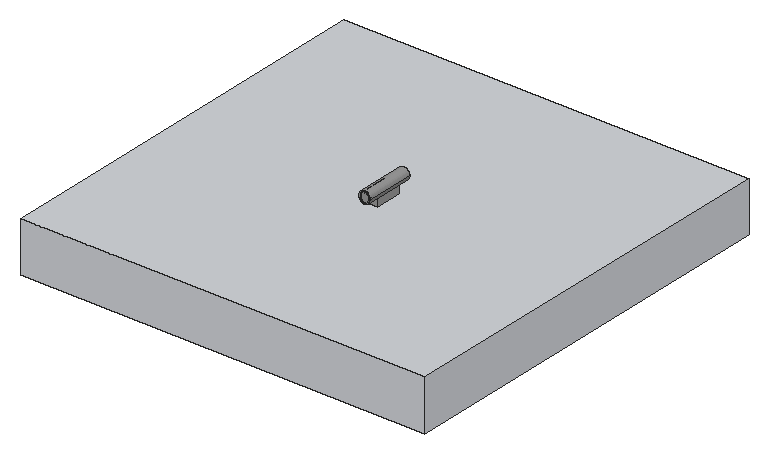
Revit family "LAMP_LUP WALL 70 DIRECT", category Luminarias, Revit 2018 (continued)
Parameters (values of type "665LM 3000 ASYM BLACK")
    8.88 50.88 34.09 27.81 24.73 21.54 18.10 14.51 11.42 \r\n8.89 6.96 5.41 4.20 3.34 2.58 1.90 1.35 0.90 0.55 0.32 \r\n0.19 0.00 0.00 0.00 0.00 0.00 0.00 0.00 0.00 0.00 0.00 \r\n0.00 0.00 0.00 0.00 0.00 0.00 0.00 0.00 0.00 0.00 0.00 \r\n0.00 0.00 0.00 0.00 0.00 0.00 0.00 0.00 0.00 0.00 0.00 \r\n0.00 0.00 0.00 0.00 0.00 0.00 0.00 0.00 0.00 0.00 0.00 \r\n0.00 0.00 0.00 \r\n455.10 516.10 566.12 611.38 654.20 686.90 709.05 713.63 \r\n708.91 694.95 671.86 643.24 608.09 563.84 525.45 493.57 \r\n466.56 441.43 417.08 377.86 328.14 267.64 189.69 124.09 \r\n72.90 48.03 33.09 27.33 24.11 20.87 17.40 13.89 10.92 \r\n8.53 6.74 5.28 4.11 3.29 2.54 1.86 1.33 0.89 0.54 0.32 \r\n0.18 0.00 0.00 0.00 0.00 0.00 0.00 0.00 0.00 0.00 0.00 \r\n0.00 0.00 0.00 0.00 0.00 0.00 0.00 0.00 0.00 0.00 0.00 \r\n0.00 0.00 0.00 0.00 0.00 0.00 0.00 0.00 0.00 0.00 0.00 \r\n0.00 0.00 0.00 0.00 0.00 0.00 0.00 0.00 0.00 0.00 0.00 \r\n0.00 0.00 0.00 \r\n455.10 513.06 560.18 602.43 640.36 668.82 687.99 691.59 \r\n685.75 671.12 647.83 619.43 586.32 545.80 510.06 480.82 \r\n456.15 432.17 407.87 367.23 316.17 254.93 178.01 114.69 \r\n67.12 45.10 32.11 26.76 23.49 20.19 16.70 13.26 10.41 \r\n8.15 6.51 5.15 4.04 3.22 2.50 1.84 1.31 0.88 0.52 0.31 \r\n0.18 0.00 0.00 0.00 0.00 0.00 0.00 0.00 0.00 0.00 0.00 \r\n0.00 0.00 0.00 0.00 0.00 0.00 0.00 0.00 0.00 0.00 0.00 \r\n0.00 0.00 0.00 0.00 0.00 0.00 0.00 0.00 0.00 0.00 0.00 \r\n0.00 0.00 0.00 0.00 0.00 0.00 0.00 0.00 0.00 0.00 0.00 \r\n0.00 0.00 0.00 \r\n455.10 509.96 554.17 593.47 626.53 650.83 666.70 669.19 \r\n662.25 646.51 623.68 596.36 565.25 527.71 495.09 468.42 \r\n445.74 422.91 398.37 356.63 304.18 241.55 166.30 105.19 \r\n60.79 42.19 31.12 26.17 22.86 19.51 16.00 12.64 9.91 7.84 \r\n6.30 5.01 3.95 3.17 2.45 1.82 1.29 0.87 0.53 0.31 0.18 \r\n0.00 0.00 0.00 0.00 0.00 0.00 0.00 0.00 0.00 0.00 0.00 \r\n0.00 0.00 0.00 0.00 0.00 0.00 0.00 0.00 0.00 0.00 0.00 \r\n0.00 0.00 0.00 0.00 0.00 0.00 0.00 0.00 0.00 0.00 0.00 \r\n0.00 0.00 0.00 0.00 0.00 0.00 0.00 0.00 0.00 0.00 0.00 \r\n0.00 0.00 \r\n455.10 506.79 548.08 584.49 612.75 632.94 646.19 647.32 \r\n639.20 622.57 599.47 573.14 543.22 509.19 479.73 455.50 \r\n435.02 413.54 389.59 346.09 292.11 228.73 154.64 95.79 \r\n54.60 39.26 30.15 25.60 22.24 18.83 15.30 12.03 9.41 7.48 \r\n6.07 4.88 3.88 3.11 2.41 1.78 1.27 0.85 0.53 0.30 0.18 \r\n0.00 0.00 0.00 0.00 0.00 0.00 0.00 0.00 0.00 0.00 0.00 \r\n0.00 0.00 0.00 0.00 0.00 0.00 0.00 0.00 0.00 0.00 0.00 \r\n0.00 0.00 0.00 0.00 0.00 0.00 0.00 0.00 0.00 0.00 0.00 \r\n0.00 0.00 0.00 0.00 0.00 0.00 0.00 0.00 0.00 0.00 0.00 \r\n0.00 0.00 \r\n455.10 503.58 541.94 575.30 599.00 616.63 627.33 627.35 \r\n617.73 600.97 578.48 552.49 524.33 493.21 466.27 444.18 \r\n425.05 404.44 380.81 335.41 280.15 216.01 143.30 86.76 \r\n48.70 36.54 29.18 25.00 21.60 18.15 14.61 11.42 8.93 7.15 \r\n5.87 4.76 3.80 3.06 2.38 1.76 1.26 0.85 0.52 0.30 0.18 \r\n0.00 0.00 0.00 0.00 0.00 0.00 0.00 0.00 0.00 0.00 0.00 \r\n0.00 0.00 0.00 0.00 0.00 0.00 0.00 0.00 0.00 0.00 0.00 \r\n0.00 0.00 0.00 0.00 0.00 0.00 0.00 0.00 0.00 0.00 0.00 \r\n0.00 0.00 0.00 0.00 0.00 0.00 0.00 0.00 0.00 0.00 0.00 \r\n0.00 0.00 \r\n455.10 500.35 535.76 565.90 586.80 601.93 610.23 608.70 \r\n599.02 582.68 561.26 537.19 510.86 481.95 456.94 435.88 \r\n417.11 395.84 370.02 323.69 268.21 204.65 134.48 81.10 \r\n46.37 35.24 28.35 24.19 20.80 17.42 14.00 10.99 8.65 6.97 \r\n5.74 4.67 3.73 3.00 2.34 1.74 1.25 0.84 0.52 0.30 0.18 \r\n0.00 0.00 0.00 0.00 0.00 0.00 0.00 0.00 0.00 0.00 0.00 \r\n0.00 0.00 0.00 0.00 0.00 0.00 0.00 0.00 0.00 0.00 0.00 \r\n0.00 0.00 0.00 0.00 0.00 0.00 0.00 0.00 0.00 0.00 0.00 \r\n0.00 0.00 0.00 0.00 0.00 0.00 0.00 0.00 0.00 0.00 0.00 \r\n0.00 0.00 \r\n455.10 497.08 529.52 556.51 574.83 587.48 594.20 591.03 \r\n581.45 565.93 546.08 524.06 499.65 472.81 449.08 428.95 \r\n409.75 387.35 360.25 312.12 256.08 193.31 126.09 75.88 \r\n44.36 34.08 27.53 23.31 19.98 16.68 13.42 10.59 8.38 6.81 \r\n5.62 4.59 3.68 2.96 2.31 1.72 1.24 0.84 0.52 0.30 0.18 \r\n0.00 0.00 0.00 0.00 0.00 0.00 0.00 0.00 0.00 0.00 0.00 \r\n0.00 0.00 0.00 0.00 0.00 0.00 0.00 0.00 0.00 0.00 0.00 \r\n0.00 0.00 0.00 0.00 0.00 0.00 0.00 0.00 0.00 0.00 0.00 \r\n0.00 0.00 0.00 0.00 0.00 0.00 0.00 0.00 0.00 0.00 0.00 \r\n0.00 0.00 \r\n455.10 493.78 523.19 547.17 563.01 573.29 577.86 573.50 \r\n564.20 549.99 531.75 511.07 488.61 463.45 441.07 421.71 \r\n402.27 378.89 349.66 300.38 243.94 182.05 117.92 70.78 \r\n42.14 32.90 26.70 22.50 19.15 15.94 12.80 10.17 8.12 6.63 \r\n5.50 4.50 3.62 2.92 2.28 1.70 1.24 0.84 0.52 0.30 0.18 \r\n0.00 0.00 0.00 0.00 0.00 0.00 0.00 0.00 0.00 0.00 0.00 \r\n0.00 0.00 0.00 0.00 0.00 0.00 0.00 0.00 0.00 0.00 0.00 \r\n0.00 0.00 0.00 0.00 0.00 0.00 0.00 0.00 0.00 0.00 0.00 \r\n0.00 0.00 0.00 0.00 0.00 0.00 0.00 0.00 0.00 0.00 0.00 \r\n0.00 0.00 \r\n455.10 490.45 516.82 537.88 551.32 559.14 561.36 556.44 \r\n547.15 533.61 517.14 498.57 477.79 454.17 433.11 414.53 \r\n394.94 370.40 339.78 288.74 231.99 170.73 109.49 65.72 \r\n39.82 31.75 25.86 21.66 18.34 15.20 12.23 9.77 7.86 6.49 \r\n5.39 4.41 3.54 2.87 2.25 1.67 1.22 0.84 0.51 0.30 0.18 \r\n0.00 0.00 0.00 0.00 0.00 0.00 0.00 0.00 0.00 0.00 0.00 \r\n0.00 0.00 0.00 0.00 0.00 0.00 0.00 0.00 0.00 0.00 0.00 \r\n0.00 0.00 0.00 0.00 0.00 0.00 0.00 0.00 0.00 0.00 0.00 \r\n0.00 0.00 0.00 0.00 0.00 0.00 0.00 0.00 0.00 0.00 0.00 \r\n0.00 0.00 \r\n455.10 487.09 510.44 528.65 539.71 545.05 545.31 539.32 \r\n529.61 517.83 502.61 485.58 466.75 445.15 425.26 407.36 \r\n387.49 361.93 329.00 277.03 219.78 159.43 101.16 60.50 \r\n38.56 30.59 25.04 20.79 17.51 14.46 11.62 9.36 7.61 6.32 \r\n5.27 4.33 3.50 2.83 2.22 1.66 1.22 0.83 0.51 0.30 0.18 \r\n0.00 0.00 0.00 0.00 0.00 0.00 0.00 0.00 0.00 0.00 0.00 \r\n0.00 0.00 0.00 0.00 0.00 0.00 0.00 0.00 0.00 0.00 0.00 \r\n0.00 0.00 0.00 0.00 0.00 0.00 0.00 0.00 0.00 0.00 0.00 \r\n0.00 0.00 0.00 0.00 0.00 0.00 0.00 0.00 0.00 0.00 0.00 \r\n0.00 0.00 \r\n455.10 483.72 504.05 519.47 528.07 531.10 529.44 522.14 \r\n512.92 501.39 488.09 472.78 455.63 435.99 417.32 400.29 \r\n380.11 353.48 319.84 265.36 207.82 148.21 92.85 55.36 \r\n36.13 29.43 24.21 19.98 16.70 13.72 11.02 8.96 7.35 6.15 \r\n5.15 4.25 3.44 2.78 2.19 1.65 1.21 0.83 0.50 0.30 0.18 \r\n0.00 0.00 0.00 0.00 0.00 0.00 0.00 0.00 0.00 0.00 0.00 \r\n0.00 0.00 0.00 0.00 0.00 0.00 0.00 0.00 0.00 0.00 0.00 \r\n0.00 0.00 0.00 0.00 0.00 0.00 0.00 0.00 0.00 0.00 0.00 \r\n0.00 0.00 0.00 0.00 0.00 0.00 0.00 0.00 0.00 0.00 0.00 \r\n0.00 0.00 \r\n455.10 480.29 497.64 510.33 516.49 517.32 513.84 505.46 \r\n496.00 485.66 473.25 459.97 444.43 426.54 409.09 392.93 \r\n372.74 344.73 308.32 253.54 195.74 136.88 84.40 50.23 \r\n34.48 28.29 23.39 19.14 15.87 12.99 10.46 8.55 7.09 6.00 \r\n5.03 4.16 3.38 2.74 2.16 1.64 1.20 0.83 0.50 0.30 0.18 \r\n0.00 0.00 0.00 0.00 0.00 0.00 0.00 0.00 0.00 0.00 0.00 \r\n0.00 0.00 0.00 0.00 0.00 0.00 0.00 0.00 0.00 0.00 0.00 \r\n0.00 0.00 0.00 0.00 0.00 0.00 0.00 0.00 0.00 0.00 0.00 \r\n0.00 0.00 0.00 0.00 0.00 0.00 0.00 0.00 0.00 0.00 0.00 \r\n0.00 0.00 \r\n455.10 476.81 491.24 501.15 504.98 503.86 498.64 489.94 \r\n479.86 470.18 458.93 446.11 432.53 415.18 399.26 382.89 \r\n362.24 333.69 296.29 241.25 183.90 126.62 77.86 46.37 \r\n32.45 27.13 22.48 18.25 15.15 12.39 10.00 8.25 6.88 5.85 \r\n4.92 4.07 3.31 2.69 2.13 1.62 1.20 0.82 0.51 0.30 0.18 \r\n0.00 0.00 0.00 0.00 0.00 0.00 0.00 0.00 0.00 0.00 0.00 \r\n0.00 0.00 0.00 0.00 0.00 0.00 0.00 0.00 0.00 0.00 0.00 \r\n0.00 0.00 0.00 0.00 0.00 0.00 0.00 0.00 0.00 0.00 0.00 \r\n0.00 0.00 0.00 0.00 0.00 0.00 0.00 0.00 0.00 0.00 0.00 \r\n0.00 0.00 \r\n455.10 473.31 484.84 492.00 493.52 490.64 484.16 474.94 \r\n464.96 455.24 444.28 432.14 418.69 402.56 386.76 370.60 \r\n349.01 319.74 282.96 227.78 172.50 118.18 72.80 43.93 \r\n31.46 25.96 21.48 17.50 14.52 11.93 9.66 8.04 6.73 5.73 \r\n4.82 3.99 3.24 2.65 2.10 1.60 1.19 0.82 0.51 0.30 0.17 \r\n0.00 0.00 0.00 0.00 0.00 0.00 0.00 0.00 0.00 0.00 0.00 \r\n0.00 0.00 0.00 0.00 0.00 0.00 0.00 0.00 0.00 0.00 0.00 \r\n0.00 0.00 0.00 0.00 0.00 0.00 0.00 0.00 0.00 0.00 0.00 \r\n0.00 0.00 0.00 0.00 0.00 0.00 0.00 0.00 0.00 0.00 0.00 \r\n0.00 0.00 \r\n455.10 469.80 478.44 482.89 482.00 477.64 470.05 460.18 \r\n450.47 440.38 429.68 418.05 404.86 389.65 374.17 358.37 \r\n335.72 305.73 267.57 214.29 160.91 108.77 67.75 41.47 \r\n29.88 24.81 20.49 16.67 13.88 11.48 9.41 7.83 6.58 5.60 \r\n4.71 3.90 3.17 2.61 2.08 1.58 1.19 0.82 0.51 0.30 0.17 \r\n0.00 0.00 0.00 0.00 0.00 0.00 0.00 0.00 0.00 0.00 0.00 \r\n0.00 0.00 0.00 0.00 0.00 0.00 0.00 0.00 0.00 0.00 0.00 \r\n0.00 0.00 0.00 0.00 0.00 0.00 0.00 0.00 0.00 0.00 0.00 \r\n0.00 0.00 0.00 0.00 0.00 0.00 0.00 0.00 0.00 0.00 0.00 \r\n0.00 0.00 \r\n455.10 466.28 472.05 473.82 470.56 464.41 456.14 445.71 \r\n435.57 425.66 415.20 403.67 391.14 376.74 361.58 345.85 \r\n322.40 291.69 252.88 201.12 149.30 99.56 62.83 39.03 \r\n28.27 23.65 19.51 15.81 13.25 11.03 9.12 7.63 6.43 5.47 \r\n4.60 3.81 3.11 2.56 2.05 1.57 1.18 0.82 0.52 0.30 0.16 \r\n0.00 0.00 0.00 0.00 0.00 0.00 0.00 0.00 0.00 0.00 0.00 \r\n0.00 0.00 0.00 0.00 0.00 0.00 0.00 0.00 0.00 0.00 0.00 \r\n0.00 0.00 0.00 0.00 0.00 0.00 0.00 0.00 0.00 0.00 0.00 \r\n0.00 0.00 0.00 0.00 0.00 0.00 0.00 0.00 0.00 0.00 0.00 \r\n0.00 0.00 \r\n455.10 462.75 465.56 464.80 459.21 451.31 441.78 431.24 \r\n421.05 410.91 400.48 389.41 377.50 363.78 349.00 333.02 \r\n309.07 277.71 238.59 187.77 137.95 91.29 57.84 36.61 \r\n27.13 22.48 18.51 14.94 12.62 10.58 8.83 7.42 6.28 5.34 \r\n4.49 3.73 3.05 2.52 2.02 1.55 1.17 0.83 0.52 0.30 0.16 \r\n0.00 0.00 0.00 0.00 0.00 0.00 0.00 0.00 0.00 0.00 0.00 \r\n0.00 0.00 0.00 0.00 0.00 0.00 0.00 0.00 0.00 0.00 0.00 \r\n0.00 0.00 0.00 0.00 0.00 0.00 0.00 0.00 0.00 0.00 0.00 \r\n0.00 0.00 0.00 0.00 0.00 0.00 0.00 0.00 0.00 0.00 0.00 \r\n0.00 0.00 \r\n455.10 459.22 459.09 455.66 447.93 438.37 427.66 416.69 \r\n406.20 396.12 385.92 375.24 363.85 350.76 336.44 320.30 \r\n295.72 263.73 224.46 174.46 126.44 82.65 52.85 34.17 \r\n25.83 21.32 17.52 14.14 11.99 10.13 8.54 7.22 6.12 5.22 \r\n4.39 3.65 2.99 2.47 1.99 1.53 1.17 0.83 0.52 0.29 0.15 \r\n0.00 0.00 0.00 0.00 0.00 0.00 0.00 0.00 0.00 0.00 0.00 \r\n0.00 0.00 0.00 0.00 0.00 0.00 0.00 0.00 0.00 0.00 0.00 \r\n0.00 0.00 0.00 0.00 0.00 0.00 0.00 0.00 0.00 0.00 0.00 \r\n0.00 0.00 0.00 0.00 0.00 0.00 0.00 0.00 0.00 0.00 0.00 \r\n0.00 0.00 \r\n455.10 455.69 452.64 446.50 436.46 425.28 413.53 402.18 \r\n391.64 381.43 371.34 360.95 350.08 337.78 323.93 307.65 \r\n282.38 249.73 210.14 161.14 115.00 73.86 47.83 31.71 \r\n24.43 20.16 16.53 13.33 11.36 9.67 8.24 7.01 5.97 5.09 \r\n4.28 3.56 2.92 2.43 1.96 1.52 1.16 0.83 0.52 0.29 0.15 \r\n0.00 0.00 0.00 0.00 0.00 0.00 0.00 0.00 0.00 0.00 0.00 \r\n0.00 0.00 0.00 0.00 0.00 0.00 0.00 0.00 0.00 0.00 0.00 \r\n0.00 0.00 0.00 0.00 0.00 0.00 0.00 0.00 0.00 0.00 0.00 \r\n0.00 0.00 0.00 0.00 0.00 0.00 0.00 0.00 0.00 0.00 0.00 \r\n0.00 0.00 \r\n455.10 452.17 446.21 437.40 425.08 412.16 399.18 386.63 \r\n375.17 364.72 354.48 344.16 333.57 321.60 308.12 292.08 \r\n266.37 233.65 194.55 147.32 103.64 65.62 43.18 29.42 \r\n23.09 19.02 15.56 12.55 10.76 9.25 7.95 6.81 5.81 4.96 \r\n4.18 3.47 2.86 2.38 1.93 1.50 1.16 0.83 0.52 0.29 0.15 \r\n0.00 0.00 0.00 0.00 0.00 0.00 0.00 0.00 0.00 0.00 0.00 \r\n0.00 0.00 0.00 0.00 0.00 0.00 0.00 0.00 0.00 0.00 0.00 \r\n0.00 0.00 0.00 0.00 0.00 0.00 0.00 0.00 0.00 0.00 0.00 \r\n0.00 0.00 0.00 0.00 0.00 0.00 0.00 0.00 0.00 0.00 0.00 \r\n0.00 0.00 \r\n455.10 448.65 439.81 428.34 413.79 399.16 384.99 371.28 \r\n358.90 347.74 336.73 325.66 314.33 301.46 287.30 270.95 \r\n245.17 213.53 176.73 133.56 94.18 60.40 40.45 28.04 22.12 \r\n18.20 14.89 12.09 10.43 9.01 7.78 6.66 5.68 4.85 4.09 \r\n3.41 2.81 2.34 1.91 1.50 1.17 0.84 0.52 0.30 0.16 0.00 \r\n0.00 0.00 0.00 0.00 0.00 0.00 0.00 0.00 0.00 0.00 0.00 \r\n0.00 0.00 0.00 0.00 0.00 0.00 0.00 0.00 0.00 0.00 0.00 \r\n0.00 0.00 0.00 0.00 0.00 0.00 0.00 0.00 0.00 0.00 0.00 \r\n0.00 0.00 0.00 0.00 0.00 0.00 0.00 0.00 0.00 0.00 0.00 \r\n0.00 \r\n455.10 445.14 433.45 419.34 402.59 386.22 370.68 355.54 \r\n341.84 329.57 317.50 305.38 292.95 278.89 263.90 247.32 \r\n222.24 192.49 158.68 120.19 85.41 55.85 38.14 26.88 21.23 \r\n17.49 14.35 11.70 10.16 8.81 7.62 6.52 5.56 4.74 4.01 \r\n3.35 2.77 2.32 1.89 1.50 1.18 0.85 0.53 0.30 0.16 0.00 \r\n0.00 0.00 0.00 0.00 0.00 0.00 0.00 0.00 0.00 0.00 0.00 \r\n0.00 0.00 0.00 0.00 0.00 0.00 0.00 0.00 0.00 0.00 0.00 \r\n0.00 0.00 0.00 0.00 0.00 0.00 0.00 0.00 0.00 0.00 0.00 \r\n0.00 0.00 0.00 0.00 0.00 0.00 0.00 0.00 0.00 0.00 0.00 \r\n0.00 \r\n455.10 441.65 427.10 410.38 391.39 373.32 356.36 339.85 \r\n324.92 311.48 298.28 285.05 271.51 256.33 240.51 223.77 \r\n199.32 171.44 140.62 106.81 76.65 51.19 35.83 25.72 20.32 \r\n16.77 13.81 11.32 9.89 8.61 7.46 6.38 5.44 4.63 3.93 3.30 \r\n2.73 2.29 1.88 1.50 1.18 0.86 0.54 0.30 0.16 0.00 0.00 \r\n0.00 0.00 0.00 0.00 0.00 0.00 0.00 0.00 0.00 0.00 0.00 \r\n0.00 0.00 0.00 0.00 0.00 0.00 0.00 0.00 0.00 0.00 0.00 \r\n0.00 0.00 0.00 0.00 0.00 0.00 0.00 0.00 0.00 0.00 0.00 \r\n0.00 0.00 0.00 0.00 0.00 0.00 0.00 0.00 0.00 0.00 0.00 \r\n455.10 438.17 420.79 401.44 380.28 360.52 342.17 324.14 \r\n307.87 293.36 279.10 264.76 250.08 233.72 217.12 200.31 \r\n176.37 150.42 122.63 93.43 67.90 46.37 33.51 24.54 19.37 \r\n16.06 13.26 11.00 9.62 8.41 7.31 6.24 5.31 4.52 3.85 3.24 \r\n2.69 2.26 1.86 1.50 1.19 0.87 0.55 0.30 0.16 0.00 0.00 \r\n0.00 0.00 0.00 0.00 0.00 0.00 0.00 0.00 0.00 0.00 0.00 \r\n0.00 0.00 0.00 0.00 0.00 0.00 0.00 0.00 0.00 0.00 0.00 \r\n0.00 0.00 0.00 0.00 0.00 0.00 0.00 0.00 0.00 0.00 0.00 \r\n0.00 0.00 0.00 0.00 0.00 0.00 0.00 0.00 0.00 0.00 0.00 \r\n455.10 434.71 414.64 392.57 369.26 347.80 327.82 308.40 \r\n290.91 275.24 259.87 244.48 228.69 211.12 193.72 176.55 \r\n153.42 129.40 104.64 80.09 59.16 42.15 31.19 23.37 18.56 \r\n15.34 12.72 10.65 9.35 8.22 7.15 6.10 5.19 4.42 3.78 3.19 \r\n2.65 2.23 1.85 1.49 1.20 0.89 0.56 0.31 0.16 0.00 0.00 \r\n0.00 0.00 0.00 0.00 0.00 0.00 0.00 0.00 0.00 0.00 0.00 \r\n0.00 0.00 0.00 0.00 0.00 0.00 0.00 0.00 0.00 0.00 0.00 \r\n0.00 0.00 0.00 0.00 0.00 0.00 0.00 0.00 0.00 0.00 0.00 \r\n0.00 0.00 0.00 0.00 0.00 0.00 0.00 0.00 0.00 0.00 0.00 \r\n455.10 431.28 408.54 383.80 358.34 335.15 313.53 292.78 \r\n273.89 257.13 240.67 224.17 207.35 188.53 170.29 152.51 \r\n130.46 108.36 86.51 66.74 50.42 37.89 28.89 22.21 17.72 \r\n14.62 12.17 10.29 9.09 8.01 7.00 5.97 5.07 4.32 3.69 3.13 \r\n2.61 2.20 1.83 1.49 1.20 0.90 0.56 0.31 0.17 0.00 0.00 \r\n0.00 0.00 0.00 0.00 0.00 0.00 0.00 0.00 0.00 0.00 0.00 \r\n0.00 0.00 0.00 0.00 0.00 0.00 0.00 0.00 0.00 0.00 0.00 \r\n0.00 0.00 0.00 0.00 0.00 0.00 0.00 0.00 0.00 0.00 0.00 \r\n0.00 0.00 0.00 0.00 0.00 0.00 0.00 0.00 0.00 0.00 0.00 \r\n455.10 427.86 402.48 375.13 347.84 322.61 299.42 277.36 \r\n256.92 239.40 221.48 204.40 186.09 166.61 146.88 129.10 \r\n107.82 87.33 68.87 53.32 41.70 33.39 26.57 21.04 16.77 \r\n13.91 11.62 9.87 8.82 7.81 6.84 5.83 4.94 4.22 3.61 3.07 \r\n2.58 2.17 1.81 1.50 1.21 0.90 0.57 0.31 0.17 0.00 0.00 \r\n0.00 0.00 0.00 0.00 0.00 0.00 0.00 0.00 0.00 0.00 0.00 \r\n0.00 0.00 0.00 0.00 0.00 0.00 0.00 0.00 0.00 0.00 0.00 \r\n0.00 0.00 0.00 0.00 0.00 0.00 0.00 0.00 0.00 0.00 0.00 \r\n0.00 0.00 0.00 0.00 0.00 0.00 0.00 0.00 0.00 0.00 0.00 \r\n455.10 424.48 396.46 366.56 337.54 310.15 285.87 262.09 \r\n241.10 221.91 204.03 185.52 168.09 147.74 129.95 112.17 \r\n92.25 74.59 58.04 45.65 36.67 30.73 25.07 20.24 16.23 \r\n13.45 11.27 9.66 8.63 7.66 6.71 5.71 4.85 4.14 3.55 3.02 \r\n2.55 2.16 1.80 1.50 1.23 0.92 0.57 0.32 0.17 0.00 0.00 \r\n0.00 0.00 0.00 0.00 0.00 0.00 0.00 0.00 0.00 0.00 0.00 \r\n0.00 0.00 0.00 0.00 0.00 0.00 0.00 0.00 0.00 0.00 0.00 \r\n0.00 0.00 0.00 0.00 0.00 0.00 0.00 0.00 0.00 0.00 0.00 \r\n0.00 0.00 0.00 0.00 0.00 0.00 0.00 0.00 0.00 0.00 0.00 \r\n455.10 421.23 390.50 358.42 327.39 298.23 272.42 247.59 \r\n225.50 205.75 187.07 169.08 151.65 133.74 117.29 102.04 \r\n84.63 68.66 54.33 43.56 35.40 29.79 24.42 19.77 15.90 \r\n13.22 11.10 9.53 8.52 7.55 6.60 5.61 4.78 4.08 3.51 2.99 \r\n2.52 2.14 1.81 1.51 1.24 0.93 0.58 0.32 0.17 0.00 0.00 \r\n0.00 0.00 0.00 0.00 0.00 0.00 0.00 0.00 0.00 0.00 0.00 \r\n0.00 0.00 0.00 0.00 0.00 0.00 0.00 0.00 0.00 0.00 0.00 \r\n0.00 0.00 0.00 0.00 0.00 0.00 0.00 0.00 0.00 0.00 0.00 \r\n0.00 0.00 0.00 0.00 0.00 0.00 0.00 0.00 0.00 0.00 0.00 \r\n455.10 418.07 384.60 350.49 317.38 286.53 259.10 233.26 \r\n210.20 189.56 170.54 152.67 135.81 119.87 105.34 91.87 \r\n77.02 63.26 51.07 41.45 34.12 28.87 23.74 19.30 15.63 \r\n12.99 10.93 9.39 8.41 7.45 6.49 5.53 4.70 4.03 3.46 2.95 \r\n2.49 2.13 1.82 1.53 1.26 0.94 0.58 0.32 0.17 0.00 0.00 \r\n0.00 0.00 0.00 0.00 0.00 0.00 0.00 0.00 0.00 0.00 0.00 \r\n0.00 0.00 0.00 0.00 0.00 0.00 0.00 0.00 0.00 0.00 0.0
